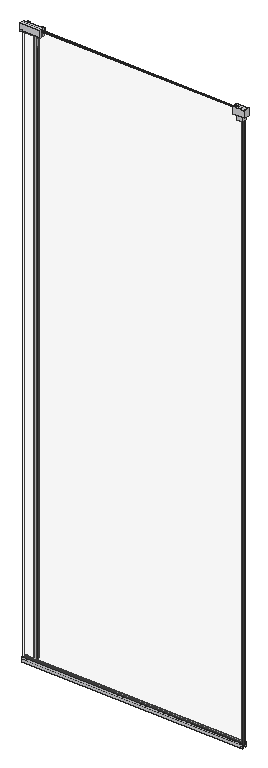
Revit family "Shower-Side_Panel-KOHLER-COMPOSED-1.1922.024_1", category Specialty Equipment, host Face, Revit 2017
Family settings
  Host = Face
  Round Connector Dimension = Use Diameter
  Part Type = Normal
  OmniClass Number = 23.31.17.17
  OmniClass Title = Shower Enclosures
  Cut with Voids When Loaded = No
  Shared = No
  Room Calculation Point = No
Parameters (values of type "Polished Chrome")
  Width [instance] = 30 1/2"
  WaterSense Certified = 1 = 0  # no
  URL = "https://www.kohler.co.uk/"
  Type = 1
  Product Page URL = ""
  Product Name = "COMPOSED"  # constant formula
  Product Documentation Link = ""
  Model = "1.1922.024"  # constant formula
  Material = "Anodized Aluminum"  # constant formula
  Master Format 2014 Name = "Shower Doors"  # constant formula
  Master Format 2014 = "10 28 19.16"  # constant formula
  Manufacturer Address = "Cromwell Road, Cheltenham, Gloucestershire. GL52 5EP Registered in England No. 252115"  # constant formula
  Manufacturer = "KOHLER Co."  # constant formula
  Length = 1 3/8"  # constant formula
  Height = 78 189/256"  # constant formula
  Finish = Kohler-Metal-CP-Polished_Chrome
  Environmental Product Declaration = ""
  Description = "COMPOSED SLDG ENCLOSURE SIDE PANEL 800MM"  # constant formula
  Default Elevation = 0"
  Declare Label = ""
  Date Modified = "10/08/2021"  # constant formula
  Date Created = "10/08/2021"  # constant formula
  Copyright = "Copyright KOHLER Co."  # constant formula
  Contact Us = "https://www.kohler.co.uk/support/contact/"
  Assembly Code = "C1030200"
  ADA Compliant = 1 = 0  # no
Reference planes (in)
  plane 1 "Center (Front/Back)": y = 0
  plane 2: z = 0
  plane 3 "Center (Left/Right)": x = 0
  plane 4: x = -14.9685
  plane 5: x = 14.28901
  plane 6: x = 14.69058
  plane 7: x = 15.5315
  plane 8: x = 15.86381
  plane 9: y = -1.375
  plane 10: y = -0.82874
  plane 11: y = -1.1437
  plane 12: z = 78.73828
  plane 13: z = 39.37008
  plane 14: x = -12.29134
  plane 15: z = 78.56299
  plane 16: y = -0.98622
Dimensions and locks (in)
  locked: plane 4 to plane 3 "Center (Left/Right)" at 14.9685
  "Height": plane 12 to level
  plane 15 to level = 78.56299"
  "Width": plane 4 to plane 7
  locked: plane 7 to plane 8 at 0.33231
  locked: plane 5 to plane 7 at 1.24249
  locked: plane 6 to plane 7 at 0.84091
  "Length": plane 9 to plane 1 "Center (Front/Back)"
  aligned and locked: plane 2 to host face
  aligned and locked: level to host face
  aligned and locked: plane 4 to nested 1
Automatic sketch dimensions
  host sketch curve to host sketch curve = 96"  (x2)
Nested families (in)
  nested 1: "1.1922.024" at (-14.9685, 0, 0), type "1.1922.024"
    with Width 30 1/2"
Definition of nested family "1.1922.024"
  Parameters (values of type "1.1922.024")
    Width = 30.11811"
    Material = none
  Reference planes (in)
    plane 1 "Center (Front/Back)": y = 0
    plane 2: z = 0
    plane 3 "Center (Left/Right)": x = 0
    plane 4: z = 78.74016
    plane 5: x = 30.11811
    plane 6: y = -0.82874
    plane 7: y = -1.1437
    plane 8: y = -1.375
    plane 9: x = 30.45043
    plane 10: x = 29.2772
    plane 11: x = 28.87562
    plane 12: z = 39.37008
    plane 13: z = 78.56299
    plane 14: x = 2.67717
    plane 15: y = -0.22441
  Forms (in)
    Extrusion 1, solid, material <- "Material", detail levels medium+fine
      sketch origin (0, 0, 0) x (0, 1, 0) y (0, 0, 1)
        loop
          line (-1.22835, 0) -> (-1.1811, 0) -> (-1.1811, 0.05906)
          arc (-1.1811, 0.05906) -> (-1.17534, 0.07297) -> (-1.16142, 0.07874) r 0.01969
          line (-1.16142, 0.07874) -> (-0.74409, 0.07874)
          arc (-0.74409, 0.07874) -> (-0.73018, 0.07297) -> (-0.72441, 0.05906) r 0.01969
          line (-0.72441, 0.05906) -> (-0.72441, 0) -> (-0.67717, 0) -> (-0.67717, 0.58268)
          arc (-0.67717, 0.58268) -> (-0.68293, 0.5966) -> (-0.69685, 0.60236) r 0.01969
          line (-0.69685, 0.60236) -> (-0.76181, 0.60236) -> (-0.76181, 0.55105) -> (-0.72047, 0.55105) -> (-0.72047, 0.15748)
          arc (-0.72047, 0.15748) -> (-0.72624, 0.14356) -> (-0.74016, 0.1378) r 0.01969
          line (-0.74016, 0.1378) -> (-1.16535, 0.1378)
          arc (-1.16535, 0.1378) -> (-1.17927, 0.14356) -> (-1.18504, 0.15748) r 0.01969
          line (-1.18504, 0.15748) -> (-1.18504, 0.55105) -> (-1.1437, 0.55105) -> (-1.1437, 0.60236) -> (-1.20866, 0.60236)
          arc (-1.20866, 0.60236) -> (-1.22258, 0.5966) -> (-1.22835, 0.58268) r 0.01969
          line (-1.22835, 0.58268) -> (-1.22835, 0)
      from 0.20138 to 30.11811
    Extrusion 2, solid
      sketch origin (0, 0, 0) x (0, 1, 0) y (0, 0, 1)
        loop
          line (-1.1437, 78.52362) -> (-1.1437, 0.21654) -> (-1.10433, 0.17717) -> (-0.86811, 0.17717) -> (-0.82874, 0.21654) -> (-0.82874, 78.52362) -> (-0.86811, 78.56299) -> (-1.10433, 78.56299) -> (-1.1437, 78.52362)
      from 0.20138 to 30.11811
    Extrusion 3, solid, material <- "Material"
      sketch origin (0, 0, 0) x (1, 0, 0) y (0, 1, 0)
        loop
          arc (1.33717, -0.3563) -> (1.32101, -0.34919) -> (1.31534, -0.33247) r 0.02191
          line (1.31534, -0.33247) -> (1.3288, -0.17913) -> (1.35968, -0.17913) -> (1.36538, -0.12008) -> (1.31657, -0.12008)
          arc (1.31657, -0.12008) -> (1.30023, -0.12643) -> (1.29245, -0.14214) r 0.02423
          line (1.29245, -0.14214) -> (1.2739, -0.34884) -> (1.2739, -0.53313)
          arc (1.2739, -0.53313) -> (1.45107, -0.7103) -> (1.62823, -0.53313) r 0.17717
          line (1.62823, -0.53313) -> (1.62823, -0.39173) -> (1.66124, -0.39637) -> (1.74708, -0.50566)
          arc (1.74708, -0.50566) -> (1.83214, -0.65782) -> (1.86636, -0.82874) r 0.56077
          line (1.86636, -0.82874) -> (1.90175, -0.82874)
          arc (1.90175, -0.82874) -> (1.8695, -0.64927) -> (1.78158, -0.48953) r 0.56298
          line (1.78158, -0.48953) -> (1.68445, -0.36586) -> (1.66433, -0.14159)
          arc (1.66433, -0.14159) -> (1.65674, -0.12627) -> (1.6408, -0.12008) r 0.02362
          line (1.6408, -0.12008) -> (1.58913, -0.12008) -> (1.59484, -0.17913) -> (1.62803, -0.17913) -> (1.6417, -0.33489)
          arc (1.6417, -0.33489) -> (1.6366, -0.34991) -> (1.62209, -0.3563) r 0.01969
          line (1.62209, -0.3563) -> (1.33717, -0.3563)
        loop
          line (1.29359, -0.39173) -> (1.29359, -0.531)
          arc (1.29359, -0.531) -> (1.45107, -0.68848) -> (1.60855, -0.531) r 0.15748
          line (1.60855, -0.531) -> (1.60855, -0.39173) -> (1.29359, -0.39173)
      from 0.59055 to 77.79528
    Extrusion 4, solid, material <- "Material"
      sketch origin (-28.01473, 0, 0) x (1, 0, 0) y (0, 1, 0)
        loop
          line (57.68169, -0.83993) -> (57.71497, -0.83688) -> (57.71979, -0.80258) -> (57.78198, -0.80258) -> (57.77443, -0.85635) -> (57.81878, -0.7975) -> (57.89994, -0.7975) -> (57.89185, -0.85507) -> (57.94357, -0.79342) -> (58.01658, -0.79342) -> (57.99633, -0.84907) -> (58.03534, -0.80258) -> (58.13284, -0.80258) -> (58.08425, -0.76181) -> (57.88374, -0.76181) -> (57.83255, -0.73794) -> (57.81252, -0.76181) -> (57.71979, -0.76181) -> (57.71979, -0.69284) -> (57.68169, -0.73094) -> (57.68169, -0.83993)
      from 0.60236 to 77.79528
    Extrusion 5, solid, material <- "Material", detail levels medium+fine
      sketch origin (0, 0, 0) x (0, 1, 0) y (0, 0, 1)
        loop
          arc (-1.3376, 77.81496) -> (-1.33183, 77.80104) -> (-1.31791, 77.79528) r 0.01969
          line (-1.31791, 77.79528) -> (-1.1437, 77.79528) -> (-1.1437, 78.56299) -> (-0.82874, 78.56299) -> (-0.82874, 77.79528) -> (-0.67913, 77.79528)
          arc (-0.67913, 77.79528) -> (-0.66521, 77.80104) -> (-0.65945, 77.81496) r 0.01969
          line (-0.65945, 77.81496) -> (-0.65945, 78.74016) -> (-1.3376, 78.74016) -> (-1.3376, 77.81496)
      from 0 to 2.67717
    Extrusion 6, solid, material <- "Material", detail levels medium+fine
      sketch origin (0, 0, 0) x (0, 1, 0) y (0, 0, 1)
        loop
          line (-0.65945, 78.55314) -> (-0.65945, 78.32874) -> (-0.30571, 78.32874) -> (-0.26634, 78.36811) -> (-0.26634, 78.51377) -> (-0.30571, 78.55314) -> (-0.65945, 78.55314)
        loop
          line (-0.65945, 78.25) -> (-0.65945, 78.1122) -> (-0.26378, 78.1122) -> (-0.22441, 78.15157) -> (-0.22441, 78.21062) -> (-0.26378, 78.25) -> (-0.65945, 78.25)
      from 0.20138 to 0.52559
    Extrusion 7, solid, material <- "Material", detail levels medium+fine
      sketch origin (1.84045, 0, 0) x (0, 1, 0) y (0, 0, 1)
        loop
          line (-0.65945, 78.55314) -> (-0.65945, 78.32874) -> (-0.30571, 78.32874) -> (-0.26634, 78.36811) -> (-0.26634, 78.51377) -> (-0.30571, 78.55314) -> (-0.65945, 78.55314)
        loop
          line (-0.65945, 78.25) -> (-0.65945, 78.1122) -> (-0.26378, 78.1122) -> (-0.22441, 78.15157) -> (-0.22441, 78.21062) -> (-0.26378, 78.25) -> (-0.65945, 78.25)
      from 0.42067 to 0.74488
    Extrusion 8, solid, material <- "Material", detail levels medium+fine
      sketch origin (0, 0, 0) x (1, 0, 0) y (0, 0, 1)
        loop
          line (30.41106, 78.74016) -> (28.91499, 78.74016)
          arc (28.91499, 78.74016) -> (28.88715, 78.72863) -> (28.87562, 78.70079) r 0.03937
          line (28.87562, 78.70079) -> (28.87562, 77.79528) -> (29.2772, 77.79528) -> (29.2772, 77.24409)
          arc (29.2772, 77.24409) -> (29.28873, 77.21626) -> (29.31657, 77.20472) r 0.03937
          line (29.31657, 77.20472) -> (29.77696, 77.20472) -> (30.11811, 77.20472) -> (30.11811, 77.79528) -> (30.45043, 77.79528) -> (30.45043, 78.70079)
          arc (30.45043, 78.70079) -> (30.43889, 78.72863) -> (30.41106, 78.74016) r 0.03937
      from 0.58268 to 1.30118
    Extrusion 9, void
      sketch origin (0, 0, 0) x (0, 1, 0) y (0, 0, 1)
        loop
          arc (-0.81484, 78.53543) -> (-0.83214, 78.57719) -> (-0.8739, 78.59449) r 0.05906
          line (-0.8739, 78.59449) -> (-1.09055, 78.59449)
          arc (-1.09055, 78.59449) -> (-1.13231, 78.57719) -> (-1.14961, 78.53543) r 0.05906
          line (-1.14961, 78.53543) -> (-1.14961, 77.79528) -> (-0.81484, 77.79528) -> (-0.81484, 78.53543)
        loop
          line (-1.22099, 77.79528) -> (-1.3376, 77.79528) -> (-1.3376, 77.11594) -> (-1.22099, 77.11594) -> (-1.22099, 77.79528)
        loop
          line (-0.72441, 77.79528) -> (-0.72441, 77.12016) -> (-0.55206, 77.12016) -> (-0.55206, 77.79528) -> (-0.72441, 77.79528)
      from 28.87562 to 30.11811
    Extrusion 10, solid, material <- "Material", detail levels coarse
      sketch origin (0, 0, 0) x (0, 1, 0) y (0, 0, 1)
        loop
          arc (-1.3376, 77.81496) -> (-1.33183, 77.80104) -> (-1.31791, 77.79528) r 0.01969
          line (-1.31791, 77.79528) -> (-1.1437, 77.79528) -> (-1.1437, 78.56299) -> (-0.82874, 78.56299) -> (-0.82874, 77.79528) -> (-0.67913, 77.79528)
          arc (-0.67913, 77.79528) -> (-0.66521, 77.80104) -> (-0.65945, 77.81496) r 0.01969
          line (-0.65945, 77.81496) -> (-0.65945, 78.74016) -> (-1.3376, 78.74016) -> (-1.3376, 77.81496)
      from 0 to 2.67717
    Extrusion 11, solid, material <- "Material", detail levels coarse
      sketch origin (0, 0, 0.03937) x (1, 0, 0) y (0, 0, 1)
        loop
          line (30.41106, 78.70079) -> (28.91499, 78.70079)
          arc (28.91499, 78.70079) -> (28.88715, 78.68926) -> (28.87562, 78.66142) r 0.03937
          line (28.87562, 78.66142) -> (28.87562, 77.75591) -> (29.2772, 77.75591) -> (29.2772, 77.20472)
          arc (29.2772, 77.20472) -> (29.28873, 77.17689) -> (29.31657, 77.16535) r 0.03937
          line (29.31657, 77.16535) -> (29.77696, 77.16535) -> (30.45043, 77.16535) -> (30.45043, 78.66142)
          arc (30.45043, 78.66142) -> (30.43889, 78.68926) -> (30.41106, 78.70079) r 0.03937
      from 0.58268 to 1.30118
    Extrusion 12, solid, material <- "Material", detail levels coarse
      sketch origin (0, 0, 0.03937) x (0, 1, 0) y (0, 0, 1)
        loop
          line (-1.22835, -0.03937) -> (-1.1811, -0.03937) -> (-1.1811, 0.01969)
          arc (-1.1811, 0.01969) -> (-1.17534, 0.0336) -> (-1.16142, 0.03937) r 0.01969
          line (-1.16142, 0.03937) -> (-0.74409, 0.03937)
          arc (-0.74409, 0.03937) -> (-0.73018, 0.0336) -> (-0.72441, 0.01969) r 0.01969
          line (-0.72441, 0.01969) -> (-0.72441, -0.03937) -> (-0.67717, -0.03937) -> (-0.67717, 0.54331)
          arc (-0.67717, 0.54331) -> (-0.68293, 0.55723) -> (-0.69685, 0.56299) r 0.01969
          line (-0.69685, 0.56299) -> (-0.83688, 0.56299) -> (-0.83688, 0.16929) -> (-1.1437, 0.16929) -> (-1.1437, 0.56299) -> (-1.20866, 0.56299)
          arc (-1.20866, 0.56299) -> (-1.22258, 0.55723) -> (-1.22835, 0.54331) r 0.01969
          line (-1.22835, 0.54331) -> (-1.22835, -0.03937)
      from 0.20138 to 30.11811
    Extrusion 13, solid, material <- "Material", detail levels coarse
      sketch origin (0.01342, -0.00211, 0) x (1, 0, 0) y (0, 1, 0)
        loop
          line (0, -1.38287) -> (1.22047, -1.38287) -> (1.22047, -0.66929) -> (1.98819, -0.66929) -> (1.98819, 0) -> (0.01969, 0)
          arc (0.01969, 0) -> (0.00577, -0.00577) -> (0, -0.01969) r 0.01969
          line (0, -0.01969) -> (0, -1.38287)
      from 0 to 0.7874
    Extrusion 14, void
      sketch origin (0, 0, 0) x (1, 0, 0) y (0, 1, 0)
        loop
          line (0.20138, -1.1437) -> (1.66722, -1.1437) -> (1.66722, -0.82874) -> (0.20138, -0.82874) -> (0.20138, -1.1437)
      from 0.17717 to 0.85243
  Cuts and joins
    Extrusion 9 cuts Extrusion 8
    Extrusion 14 cuts Extrusion 13
    Extrusion 9 cuts Extrusion 11
  Lines and regions (in)
    Masking region 1
      outline origin (0, 0, 0) x (1, 0, 0) y (0, 1, 0)
        loop
          line (2.67717, -1.3376) -> (2.67717, -1.26476) -> (28.87562, -1.26476) -> (28.87562, -1.3376) -> (30.45043, -1.3376) -> (30.45043, -0.58268) -> (28.87562, -0.58268) -> (28.87562, -0.67717) -> (2.67717, -0.67717) -> (2.67717, -0.64615) -> (2.58533, -0.64615) -> (2.58533, -0.22441) -> (2.26112, -0.22441) -> (2.26112, -0.65945) -> (2.00161, -0.65945) -> (2.00161, -0.01969)
          arc (2.00161, -0.01969) -> (1.99585, -0.00577) -> (1.98193, 0) r 0.01969
          line (1.98193, 0) -> (0, 0) -> (0, -1.1811)
          arc (0, -1.1811) -> (0.05679, -1.31821) -> (0.1939, -1.375) r 0.1939
          line (0.1939, -1.375) -> (1.25681, -1.375) -> (1.25681, -1.3376) -> (2.67717, -1.3376)
    Masking region 2
      outline origin (0, 0, 0) x (1, 0, 0) y (0, 0, 1)
        loop
          line (0, 77.79528) -> (0.20138, 77.79528) -> (0.20138, 0.7874) -> (0, 0.7874) -> (0, 0) -> (30.11811, 0) -> (30.11811, 77.79528) -> (30.45043, 77.79528) -> (30.45043, 78.70079)
          arc (30.45043, 78.70079) -> (30.43889, 78.72863) -> (30.41106, 78.74016) r 0.03937
          line (30.41106, 78.74016) -> (28.91499, 78.74016)
          arc (28.91499, 78.74016) -> (28.88715, 78.72863) -> (28.87562, 78.70079) r 0.03937
          line (28.87562, 78.70079) -> (28.87562, 78.56299) -> (2.67717, 78.56299) -> (2.67717, 78.74016) -> (0, 78.74016) -> (0, 77.79528)
    Masking region 3
      outline origin (0, 0, 0) x (0, 1, 0) y (0, 0, 1)
        loop
          line (-1.3376, 77.79528) -> (-1.22099, 77.79528) -> (-1.22099, 77.20472) -> (-1.1437, 77.20472) -> (-1.1437, 0.7874) -> (-1.375, 0.7874) -> (-1.375, 0) -> (0, 0) -> (0, 0.7874) -> (-0.12008, 0.7874) -> (-0.12008, 77.79528) -> (-0.58268, 77.79528) -> (-0.58268, 78.1122) -> (-0.26378, 78.1122) -> (-0.22441, 78.15157) -> (-0.22441, 78.21062) -> (-0.26378, 78.25) -> (-0.58268, 78.25) -> (-0.58268, 78.32874) -> (-0.30571, 78.32874) -> (-0.26634, 78.36811) -> (-0.26634, 78.51377) -> (-0.30571, 78.55314) -> (-0.58268, 78.55314) -> (-0.58268, 78.74016) -> (-1.3376, 78.74016) -> (-1.3376, 77.79528)
    symbolic lines, detail levels medium+fine
      curve 1: line (28.87562, -0.67717, 0) -> (28.87562, -1.26476, 0)
      curve 2: line (1.31534, -0.33247, 0) -> (1.3288, -0.17913, 0)
      curve 3: line (1.3288, -0.17913, 0) -> (1.35968, -0.17913, 0)
      curve 4: line (1.35968, -0.17913, 0) -> (1.36538, -0.12008, 0)
      curve 5: line (1.36538, -0.12008, 0) -> (1.31657, -0.12008, 0)
      curve 6: arc (1.31657, -0.12008, 0) -> (1.30023, -0.12643, 0) -> (1.29245, -0.14214, 0) r 0.02423
      curve 7: line (1.29245, -0.14214, 0) -> (1.2739, -0.34884, 0)
      curve 8: line (1.2739, -0.34884, 0) -> (1.2739, -0.53313, 0)
      curve 9: arc (1.2739, -0.53313, 0) -> (1.28767, -0.60161, 0) -> (1.32684, -0.65945, 0) r 0.17717
      curve 10: line (1.62823, -0.53313, 0) -> (1.62823, -0.39173, 0)
      curve 11: line (1.62823, -0.39173, 0) -> (1.66124, -0.39637, 0)
      curve 12: line (1.66124, -0.39637, 0) -> (1.74708, -0.50566, 0)
      curve 13: arc (1.74708, -0.50566, 0) -> (1.79403, -0.5757, 0) -> (1.82995, -0.65198, 0) r 0.56077
      curve 14: arc (1.82995, -0.56203, 0) -> (1.80717, -0.52484, 0) -> (1.78158, -0.48953, 0) r 0.56298
      curve 15: line (1.78158, -0.48953, 0) -> (1.68445, -0.36586, 0)
      curve 16: line (1.68445, -0.36586, 0) -> (1.66433, -0.14159, 0)
      curve 17: arc (1.66433, -0.14159, 0) -> (1.65674, -0.12627, 0) -> (1.6408, -0.12008, 0) r 0.02362
      curve 18: line (1.6408, -0.12008, 0) -> (1.58913, -0.12008, 0)
      curve 19: line (1.58913, -0.12008, 0) -> (1.59484, -0.17913, 0)
      curve 20: line (1.59484, -0.17913, 0) -> (1.62803, -0.17913, 0)
      curve 21: line (1.62803, -0.17913, 0) -> (1.6417, -0.33489, 0)
      curve 22: arc (1.6417, -0.33489, 0) -> (1.6366, -0.34991, 0) -> (1.62209, -0.3563, 0) r 0.01969
      curve 23: line (1.62209, -0.3563, 0) -> (1.33717, -0.3563, 0)
      curve 24: arc (1.33717, -0.3563, 0) -> (1.32101, -0.34919, 0) -> (1.31534, -0.33247, 0) r 0.02191
      curve 25: line (1.29359, -0.39173, 0) -> (1.60855, -0.39173, 0)
      curve 26: line (1.60855, -0.39173, 0) -> (1.60855, -0.531, 0)
      curve 27: arc (1.60855, -0.531, 0) -> (1.59097, -0.60329, 0) -> (1.54217, -0.65945, 0) r 0.15748
      curve 28: line (1.29359, -0.531, 0) -> (1.29359, -0.39173, 0)
      curve 29: line (2.67717, -0.65945, 0) -> (1.35996, -0.65945, 0)
      curve 30: line (0.52559, -0.65945, 0) -> (0.52559, -0.22441, 0)
      curve 31: line (0.20138, -0.22441, 0) -> (0.20138, -0.65945, 0)
      curve 32: line (0.52559, -0.22441, 0) -> (0.20138, -0.22441, 0)
      curve 33: line (1.35996, -0.65945, 0) -> (0, -0.65945, 0)
      curve 34: arc (1.35996, -0.65945, 0) -> (1.31116, -0.60329, 0) -> (1.29359, -0.531, 0) r 0.15748
      curve 35: arc (1.57529, -0.65945, 0) -> (1.61446, -0.60161, 0) -> (1.62823, -0.53313, 0) r 0.17717
      curve 36: line (2.67717, -0.65945, 0) -> (2.67717, -1.3376, 0)
      curve 37: line (2.67717, -1.1811, 0) -> (2.606, -1.1811, 0)
      curve 38: line (2.606, -0.67717, 0) -> (2.606, -1.1811, 0)
      curve 39: line (0.20138, -0.67717, 0) -> (0.20138, -1.1811, 0)
      curve 40: line (0.20138, -0.67717, 0) -> (2.606, -0.67717, 0)
      curve 41: line (0.20138, -1.1811, 0) -> (0.10734, -1.1811, 0)
      curve 42: line (0.10734, -1.1811, 0) -> (0.10734, -1.3376, 0)
      curve 43: line (0.20138, -0.26329, 0) -> (0.52559, -0.26329, 0)
      curve 44: line (2.26112, -0.26575, 0) -> (2.58533, -0.26575, 0)
      curve 45: line (1.22047, 0, 0) -> (1.22047, -0.65945, 0)
      curve 46: line (1.82995, 0, 0) -> (1.82995, -0.65945, 0)
      curve 47: line (1.25681, -1.3376, 0) -> (0.10734, -1.3376, 0)
      curve 48: line (0.86298, -0.7874, 0) -> (1.75819, -0.7874, 0)
      curve 49: line (1.75819, -0.7874, 0) -> (1.75819, -0.67717, 0)
      curve 50: line (0.86298, -0.7874, 0) -> (0.86298, -0.67717, 0)
      curve 51: line (0.20138, 0, 0.7874) -> (30.11811, 0, 0.7874)
      curve 52: line (0.20138, 0, 77.79528) -> (2.67717, 0, 77.79528)
      curve 53: line (2.67717, 0, 78.56299) -> (2.67717, 0, 77.79528)
      curve 54: line (29.31664, 0, 77.20472) -> (30.11811, 0, 77.20472)
      curve 55: line (30.11811, 0, 77.20472) -> (30.11811, 0, 77.79528)
      curve 56: line (29.2772, 0, 77.79528) -> (29.2772, 0, 77.24416)
      curve 57: arc (29.2772, 0, 77.24416) -> (29.28875, 0, 77.21628) -> (29.31664, 0, 77.20472) r 0.03944
      curve 58: line (29.2772, 0, 77.79528) -> (28.87562, 0, 77.79528)
      curve 59: line (28.87562, 0, 77.79528) -> (28.87562, 0, 78.56299)
      curve 60: line (0, -0.12008, 0.7874) -> (0, -1.18898, 0.7874)
      curve 61: line (0, -0.34884, 0.7874) -> (0, -0.34884, 77.79528)
      curve 62: line (0, -0.65945, 77.81496) -> (0, -0.65945, 78.74016)
      curve 63: arc (0, -0.67913, 77.79528) -> (0, -0.66521, 77.80104) -> (0, -0.65945, 77.81496) r 0.01969
      curve 64: line (0, -0.82874, 77.79528) -> (0, -0.58268, 77.79528)
      curve 65: line (0, -0.65945, 78.74016) -> (0, -1.3376, 78.74016)
      curve 66: line (0, -0.58268, 78.55314) -> (0, -0.65945, 78.55314)
      curve 67: line (0, -0.58268, 78.32874) -> (0, -0.65945, 78.32874)
      curve 68: line (0, -0.58268, 78.1122) -> (0, -0.65945, 78.1122)
      curve 69: line (0, -0.58268, 78.25) -> (0, -0.65945, 78.25)
      curve 70: line (0, -1.22099, 77.79528) -> (0, -1.1437, 77.79528)
      curve 71: line (0, -1.1437, 78.52362) -> (0, -1.10433, 78.56299)
      curve 72: line (0, -1.10433, 78.56299) -> (0, -0.86811, 78.56299)
      curve 73: line (0, -0.86811, 78.56299) -> (0, -0.82874, 78.52362)
      curve 74: line (0, -0.82874, 78.52362) -> (0, -0.82874, 0.7874)
      curve 75: line (0, -1.1437, 77.20472) -> (0, -1.1437, 78.52362)
      curve 76: line (0, -0.70571, 77.79528) -> (0, -0.70571, 0.7874)
      curve 77: line (0, -0.50886, 0.7874) -> (0, -0.50886, 77.79626)
      curve 78: line (0, -0.26634, 78.51377) -> (0, -0.65945, 78.51377)
      curve 79: line (0, -0.26634, 78.36811) -> (0, -0.65945, 78.36811)
      curve 80: line (0, -0.22441, 78.21062) -> (0, -0.65945, 78.21062)
      curve 81: line (0, -0.22441, 78.15157) -> (0, -0.65945, 78.15157)
      curve 82: line (0, -0.79342, 77.79528) -> (0, -0.79342, 78.54946)
      curve 83: line (0, -0.83279, 78.58883) -> (0, -1.13965, 78.58883)
      curve 84: line (0, -1.17902, 77.79528) -> (0, -1.17902, 78.54946)
      curve 85: arc (0, -1.17902, 78.54946) -> (0, -1.16749, 78.5773) -> (0, -1.13965, 78.58883) r 0.03937
      curve 86: arc (0, -0.79342, 78.54946) -> (0, -0.80495, 78.5773) -> (0, -0.83279, 78.58883) r 0.03937
      curve 87: line (2.00161, 0, 0.7874) -> (2.00161, 0, 0)
      curve 88: line (2.67717, -0.76181, 0) -> (28.87562, -0.76181, 0)
      curve 89: line (2.67717, -0.86811, 0) -> (28.87562, -0.86811, 0)
      curve 90: line (28.87562, -0.83688, 0) -> (2.67717, -0.83688, 0)
      curve 91: line (2.67717, -1.10433, 0) -> (28.87562, -1.10433, 0)
      curve 92: line (2.67717, -1.13655, 0) -> (28.87562, -1.13655, 0)
  Dimensions and locks (in)
    plane 6 to plane 7 = 0.31496"
    plane 1 "Center (Front/Back)" to plane 8 = 1 3/8"  (x2)
    Extrusion 10 to plane 14 = 0"
    "Width": plane 5 to plane 3 "Center (Left/Right)"
    locked: plane 9 to plane 5 at 0.33231
    locked: plane 5 to plane 11 at 1.24249
    locked: plane 5 to plane 10 at 0.84091
    aligned and locked: level to plane 2
    aligned and locked: plane 5 to Extrusion 9
    aligned and locked: plane 11 to Extrusion 9
    aligned and locked: plane 5 to Extrusion 4
    aligned and locked: plane 5 to Extrusion 2
    aligned and locked: plane 5 to Extrusion 1
    aligned and locked: plane 11 to cut or joined group of Extrusion 8, Extrusion 9
    aligned and locked: plane 10 to cut or joined group of Extrusion 8, Extrusion 9
    aligned and locked: plane 5 to Extrusion 12
    aligned and locked: Masking region 1 to curve 1
  Automatic sketch dimensions
    curve 65 to plane 4 = 0"
    curve 75 to plane 7 = 0"
    curve 71 to plane 13 = 0"
    curve 74 to plane 6 = 0"
    curve 80 to plane 15 = 0"
    curve 81 to plane 15 = 0"
    curve 84 to plane 13 = 0.01353"
    plane 7 to curve 84 = 0.03532"
    curve 85 to plane 7 = 0.00405"
    curve 85 to curve 71 = 0.03532"
    curve 73 to plane 6 = 0.03937"
    curve 83 to plane 6 = 0.00405"
    curve 82 to plane 13 = 0.01353"
    curve 82 to curve 63 = 0.11429"
    plane 6 to curve 65 = 0.16929"
    curve 71 to curve 85 = 0.02584"
    curve 73 to curve 86 = 0.02584"
    curve 62 to curve 73 = 0.70866"
    plane 7 to curve 60 = 0.04528"
    curve 70 to curve 84 = 0.04197"
    plane 8 to curve 65 = 0.0374"
    plane 6 to curve 76 = 0.12303"
    curve 66 to plane 13 = 0.00985"
    curve 66 to curve 66 = 0.07676"
    curve 68 to curve 68 = 0.07676"
    curve 67 to curve 67 = 0.07676"
    curve 69 to curve 69 = 0.07676"
    curve 62 to curve 64 = 0.07676"
    curve 76 to curve 77 = 0.19685"
    curve 61 to plane 15 = 0.12443"
    curve 79 to plane 15 = 0.04193"
    curve 78 to plane 15 = 0.04193"
    plane 15 to curve 60 = 0.10433"
    curve 78 to plane 13 = 0.04922"
    curve 79 to curve 78 = 0.14567"
    curve 67 to curve 79 = 0.03937"
    curve 69 to curve 67 = 0.07874"
    curve 80 to curve 69 = 0.03937"
    curve 81 to curve 80 = 0.05906"
    curve 68 to curve 81 = 0.03937"
    curve 64 to curve 77 = 0.00098"
    curve 61 to curve 77 = 0.00098"
    curve 70 to curve 64 = 0"
    curve 75 to curve 70 = 0.59055"
    level to curve 74 = 0.7874"
    curve 87 to level = 0"
    curve 53 to plane 14 = 0"
    plane 11 to curve 58 = 0"
    plane 10 to curve 58 = 0"
    curve 54 to plane 5 = 0"
    curve 51 to plane 5 = 0"
    curve 53 to plane 13 = 0"
    curve 59 to plane 13 = 0"
    curve 57 to plane 10 = 0.03944"
    curve 55 to plane 13 = 1.35827"
    curve 56 to curve 56 = 0.55111"
    curve 53 to plane 13 = 0.76772"
    curve 87 to plane 14 = 0.67555"
    plane 3 "Center (Left/Right)" to curve 51 = 0.20138"
    plane 3 "Center (Left/Right)" to curve 52 = 0.20138"
    level to curve 51 = 0.7874"
    curve 54 to curve 55 = 0.59055"
    Extrusion 1 sketch curve to level = 0"  (x2)
    Extrusion 1 sketch curve to plane 7 = 0"
    plane 7 to Extrusion 1 sketch curve = 0.01772"
    plane 7 to Extrusion 1 sketch curve = 0.02165"
    plane 7 to Extrusion 1 sketch curve = 0.0374"
    Extrusion 1 sketch curve to Extrusion 1 sketch curve = 0.04134"  (x2)
    Extrusion 1 sketch curve to Extrusion 1 sketch curve = 0.02362"  (x2)
    Extrusion 1 sketch curve to Extrusion 1 sketch curve = 0.04724"  (x2)
    plane 6 to Extrusion 1 sketch curve = 0.06693"
    plane 6 to Extrusion 1 sketch curve = 0.08465"
    Extrusion 1 sketch curve to Extrusion 1 sketch curve = 0.00394"
    Extrusion 1 sketch curve to Extrusion 1 sketch curve = 0.01969"
    level to Extrusion 1 sketch curve = 0.05906"
    Extrusion 1 sketch curve to Extrusion 1 sketch curve = 0.05906"
    Extrusion 1 sketch curve to Extrusion 1 sketch curve = 0.39357"
    Extrusion 1 sketch curve to Extrusion 1 sketch curve = 0"
    Extrusion 1 sketch curve to Extrusion 1 sketch curve = 0.03163"  (x2)
    Extrusion 2 sketch curve to plane 7 = 0"
    Extrusion 2 sketch curve to plane 13 = 0"
    Extrusion 2 sketch curve to plane 6 = 0"
    Extrusion 2 sketch curve to plane 7 = 0.03937"  (x2)
    Extrusion 2 sketch curve to plane 6 = 0.03937"  (x2)
    Extrusion 2 sketch curve to plane 13 = 0.03937"  (x2)
    level to Extrusion 2 sketch curve = 0.21654"  (x2)
    Extrusion 2 sketch curve to Extrusion 2 sketch curve = 0.03937"
    Extrusion 3 sketch curve to plane 6 = 0"
    Extrusion 3 sketch curve to plane 15 = 0.12443"
    plane 3 "Center (Left/Right)" to Extrusion 3 sketch curve = 1.2739"
    plane 15 to Extrusion 3 sketch curve = 0.08227"
    Extrusion 3 sketch curve to Extrusion 3 sketch curve = 0.01855"
    Extrusion 3 sketch curve to Extrusion 3 sketch curve = 0.01969"
    Extrusion 3 sketch curve to plane 6 = 0.02329"
    Extrusion 3 sketch curve to Extrusion 3 sketch curve = 0.03217"
    Extrusion 3 sketch curve to plane 15 = 0.10806"
    Extrusion 3 sketch curve to Extrusion 3 sketch curve = 0.04144"
    Extrusion 3 sketch curve to Extrusion 3 sketch curve = 0.02413"
    Extrusion 3 sketch curve to Extrusion 3 sketch curve = 0.01222"
    Extrusion 3 sketch curve to Extrusion 3 sketch curve = 0.02183"
    Extrusion 3 sketch curve to plane 6 = 0.00853"
    Extrusion 3 sketch curve to Extrusion 3 sketch curve = 0.03276"
    Extrusion 3 sketch curve to Extrusion 3 sketch curve = 0.03088"
    plane 15 to Extrusion 3 sketch curve = 0.10433"  (x2)
    Extrusion 3 sketch curve to Extrusion 3 sketch curve = 0.04881"
    Extrusion 3 sketch curve to Extrusion 3 sketch curve = 0.15748"
    Extrusion 3 sketch curve to Extrusion 3 sketch curve = 0"  (x2)
    Extrusion 3 sketch curve to Extrusion 3 sketch curve = 0.22375"
    Extrusion 3 sketch curve to Extrusion 3 sketch curve = 0.00571"
    Extrusion 3 sketch curve to Extrusion 3 sketch curve = 0.00615"
    plane 15 to Extrusion 3 sketch curve = 0.04528"  (x2)
    Extrusion 3 sketch curve to Extrusion 3 sketch curve = 0.03319"
    Extrusion 3 sketch curve to Extrusion 3 sketch curve = 0.01277"
    Extrusion 3 sketch curve to plane 15 = 0.11048"
    Extrusion 3 sketch curve to Extrusion 3 sketch curve = 0.01961"
    Extrusion 3 sketch curve to plane 15 = 0.17196"
    Extrusion 3 sketch curve to Extrusion 3 sketch curve = 0.03301"
    plane 15 to Extrusion 3 sketch curve = 0.08282"
    Extrusion 3 sketch curve to Extrusion 3 sketch curve = 0.02353"
    Extrusion 3 sketch curve to plane 15 = 0.14145"
    Extrusion 3 sketch curve to Extrusion 3 sketch curve = 0.0232"
    Extrusion 3 sketch curve to plane 15 = 9/32"
    Extrusion 3 sketch curve to Extrusion 3 sketch curve = 0.11885"
    Extrusion 3 sketch curve to plane 15 = 0.26512"
    Extrusion 3 sketch curve to Extrusion 3 sketch curve = 0.0345"
    Extrusion 3 sketch curve to Extrusion 3 sketch curve = 0.20066"
    Extrusion 3 sketch curve to Extrusion 3 sketch curve = 0.00213"
    Extrusion 3 sketch curve to Extrusion 3 sketch curve = 0.04289"
    Extrusion 3 sketch curve to Extrusion 3 sketch curve = 0.02141"
    Extrusion 4 sketch curve to plane 5 = 0"
    Extrusion 4 sketch curve to plane 5 = 0.04859"
    plane 6 to Extrusion 4 sketch curve = 0.02616"  (x2)
    Extrusion 4 sketch curve to Extrusion 4 sketch curve = 0.04892"
    plane 6 to Extrusion 4 sketch curve = 0.03532"
    Extrusion 4 sketch curve to Extrusion 4 sketch curve = 0.01875"
    Extrusion 4 sketch curve to plane 6 = 0.02033"
    Extrusion 4 sketch curve to Extrusion 4 sketch curve = 0.02025"
    Extrusion 4 sketch curve to Extrusion 4 sketch curve = 0.07301"
    Extrusion 4 sketch curve to Extrusion 4 sketch curve = 0.04363"
    Extrusion 4 sketch curve to plane 6 = 0.02633"
    Extrusion 4 sketch curve to Extrusion 4 sketch curve = 0.00809"
    Extrusion 4 sketch curve to Extrusion 4 sketch curve = 0.0162"
    plane 6 to Extrusion 4 sketch curve = 0.0908"
    Extrusion 4 sketch curve to Extrusion 4 sketch curve = 0.05119"
    plane 6 to Extrusion 4 sketch curve = 1/32"
    Extrusion 4 sketch curve to Extrusion 4 sketch curve = 0.01377"
    Extrusion 4 sketch curve to Extrusion 4 sketch curve = 0.02003"
    Extrusion 4 sketch curve to Extrusion 4 sketch curve = 0.03679"
    Extrusion 4 sketch curve to plane 6 = 0.02761"
    Extrusion 4 sketch curve to Extrusion 4 sketch curve = 0.00756"
    Extrusion 4 sketch curve to Extrusion 4 sketch curve = 0.06219"
    Extrusion 4 sketch curve to Extrusion 4 sketch curve = 0"
    Extrusion 4 sketch curve to plane 6 = 0.00814"
    Extrusion 4 sketch curve to Extrusion 4 sketch curve = 0.00482"
    Extrusion 4 sketch curve to plane 6 = 0.01119"
    Extrusion 4 sketch curve to Extrusion 4 sketch curve = 0.03328"
    Extrusion 4 sketch curve to Extrusion 4 sketch curve = 0.04077"
    Extrusion 4 sketch curve to Extrusion 4 sketch curve = 0.02387"
    Extrusion 4 sketch curve to Extrusion 4 sketch curve = 0.03087"
    Extrusion 4 sketch curve to Extrusion 4 sketch curve = 0.0381"
    Extrusion 5 sketch curve to plane 4 = 0"
    Extrusion 5 sketch curve to plane 7 = 0"
    Extrusion 5 sketch curve to plane 6 = 0"
    Extrusion 5 sketch curve to plane 13 = 0"
    plane 8 to Extrusion 5 sketch curve = 0.05709"
    Extrusion 5 sketch curve to Extrusion 5 sketch curve = 0.01969"  (x3)
    plane 6 to Extrusion 5 sketch curve = 0.14961"
    Extrusion 5 sketch curve to plane 13 = 0.74803"
    Extrusion 6 sketch curve to plane 15 = 0"
    Extrusion 6 sketch curve to plane 15 = 0.03937"  (x2)
    Extrusion 6 sketch curve to plane 15 = 0.04193"
    Extrusion 6 sketch curve to Extrusion 6 sketch curve = 0.03937"  (x5)
    Extrusion 6 sketch curve to plane 13 = 0.00985"
    plane 6 to Extrusion 6 sketch curve = 0.16929"
    Extrusion 6 sketch curve to Extrusion 6 sketch curve = 0"
    Extrusion 6 sketch curve to plane 13 = 0.04922"
    Extrusion 6 sketch curve to Extrusion 6 sketch curve = 0.14567"
    Extrusion 6 sketch curve to Extrusion 6 sketch curve = 0.07874"
    Extrusion 6 sketch curve to Extrusion 6 sketch curve = 0.05906"
    Extrusion 7 sketch curve to plane 15 = 0"
    Extrusion 7 sketch curve to plane 15 = 0.03937"  (x2)
    Extrusion 7 sketch curve to plane 15 = 0.04193"
    Extrusion 7 sketch curve to Extrusion 7 sketch curve = 0.03937"  (x5)
    Extrusion 7 sketch curve to plane 13 = 0.00985"
    plane 6 to Extrusion 7 sketch curve = 0.16929"
    Extrusion 7 sketch curve to Extrusion 7 sketch curve = 0"
    Extrusion 7 sketch curve to plane 13 = 0.04922"
    Extrusion 7 sketch curve to Extrusion 7 sketch curve = 0.14567"
    Extrusion 7 sketch curve to Extrusion 7 sketch curve = 0.07874"
    Extrusion 7 sketch curve to Extrusion 7 sketch curve = 0.05906"
    plane 11 to Extrusion 8 sketch curve = 0"
    Extrusion 8 sketch curve to plane 4 = 0"
    plane 10 to Extrusion 8 sketch curve = 0"
    Extrusion 8 sketch curve to plane 5 = 0"
    Extrusion 8 sketch curve to plane 9 = 0"
    Extrusion 8 sketch curve to plane 4 = 0.03937"  (x2)
    Extrusion 8 sketch curve to plane 10 = 0.03937"
    Extrusion 8 sketch curve to plane 5 = 0.34115"
    Extrusion 8 sketch curve to plane 13 = 0.76772"  (x2)
    Extrusion 8 sketch curve to Extrusion 8 sketch curve = 0.55118"
    plane 8 to Extrusion 9 sketch curve = 0.0374"
    plane 7 to Extrusion 9 sketch curve = 0.07729"
    plane 7 to Extrusion 9 sketch curve = 0.00591"
    plane 13 to Extrusion 9 sketch curve = 0.0315"
    Extrusion 9 sketch curve to plane 7 = 0.05315"
    Extrusion 9 sketch curve to plane 6 = 0.04516"
    plane 6 to Extrusion 9 sketch curve = 0.0139"
    Extrusion 9 sketch curve to Extrusion 9 sketch curve = 0.09043"
    Extrusion 9 sketch curve to Extrusion 9 sketch curve = 0.17235"
    Extrusion 9 sketch curve to Extrusion 9 sketch curve = 0.74016"
    Extrusion 9 sketch curve to Extrusion 9 sketch curve = 0"  (x2)
    Extrusion 9 sketch curve to Extrusion 9 sketch curve = 0.67512"
    Extrusion 9 sketch curve to Extrusion 9 sketch curve = 0.00422"
    plane 1 "Center (Front/Back)" to Masking region 1 sketch curve = 0"
    Masking region 1 sketch curve to plane 3 "Center (Left/Right)" = 0"
    Masking region 1 sketch curve to plane 8 = 0"
    Masking region 1 sketch curve to plane 15 = 0"
    Masking region 1 sketch curve to plane 14 = 0"  (x2)
    Masking region 1 sketch curve to plane 11 = 0"  (x2)
    Masking region 1 sketch curve to plane 9 = 0"
    plane 7 to Masking region 1 sketch curve = 0.0374"
    Masking region 1 sketch curve to Masking region 1 sketch curve = 1.06291"
    Masking region 1 sketch curve to plane 14 = 0.69524"
    plane 6 to Masking region 1 sketch curve = 0.16929"
    Masking region 1 sketch curve to Masking region 1 sketch curve = 0.01969"
    Masking region 1 sketch curve to Masking region 1 sketch curve = 0.25951"
    Masking region 1 sketch curve to plane 14 = 0.09183"
    plane 8 to Masking region 1 sketch curve = 0.0374"
    Masking region 1 sketch curve to Masking region 1 sketch curve = 0.0374"
    Masking region 1 sketch curve to Masking region 1 sketch curve = 0.07283"
    plane 6 to Masking region 1 sketch curve = 0.15157"
    Masking region 1 sketch curve to Masking region 1 sketch curve = 0.03102"
    Masking region 1 sketch curve to Masking region 1 sketch curve = 0.09448"
    Masking region 2 sketch curve to plane 3 "Center (Left/Right)" = 0"  (x2)
    Masking region 2 sketch curve to level = 0"
    Masking region 2 sketch curve to plane 4 = 0"  (x2)
    Masking region 2 sketch curve to plane 14 = 0"
    plane 11 to Masking region 2 sketch curve = 0"
    Masking region 2 sketch curve to plane 5 = 0"
    Masking region 2 sketch curve to plane 9 = 0"
    Masking region 2 sketch curve to plane 13 = 0"
    plane 3 "Center (Left/Right)" to Masking region 2 sketch curve = 0.20138"
    Masking region 2 sketch curve to plane 11 = 0.03937"
    Masking region 2 sketch curve to plane 4 = 0.03937"
    level to Masking region 2 sketch curve = 0.7874"
    Masking region 2 sketch curve to plane 13 = 0.76772"  (x2)
    Masking region 3 sketch curve to level = 0"
    Masking region 3 sketch curve to plane 8 = 0"
    Masking region 3 sketch curve to plane 4 = 0"
    Masking region 3 sketch curve to plane 7 = 0"
    Masking region 3 sketch curve to plane 15 = 0"
    Masking region 3 sketch curve to plane 1 "Center (Front/Back)" = 0"
    plane 8 to Masking region 3 sketch curve = 0.0374"
    plane 7 to Masking region 3 sketch curve = 0.07729"
    plane 6 to Masking region 3 sketch curve = 0.24606"  (x2)
    Masking region 3 sketch curve to Masking region 3 sketch curve = 0"
    Masking region 3 sketch curve to plane 15 = 0.0813"  (x2)
    Masking region 3 sketch curve to plane 13 = 0.00985"
    Masking region 3 sketch curve to plane 15 = 0.04193"
    Masking region 3 sketch curve to plane 15 = 0.03937"  (x2)
    plane 15 to Masking region 3 sketch curve = 0.10433"
    level to Masking region 3 sketch curve = 0.7874"  (x2)
    Masking region 3 sketch curve to plane 13 = 1.35827"
    Masking region 3 sketch curve to Masking region 3 sketch curve = 0.59055"
    Masking region 3 sketch curve to plane 13 = 0.76772"
    Masking region 3 sketch curve to Masking region 3 sketch curve = 0.31692"
    Masking region 3 sketch curve to Masking region 3 sketch curve = 0.03937"  (x2)
    Masking region 3 sketch curve to Masking region 3 sketch curve = 0.05906"
    Masking region 3 sketch curve to Masking region 3 sketch curve = 0.1378"
    Masking region 3 sketch curve to Masking region 3 sketch curve = 0.07874"
    Masking region 3 sketch curve to plane 13 = 0.04922"
    Extrusion 10 sketch curve to plane 4 = 0"
    Extrusion 10 sketch curve to plane 7 = 0"
    Extrusion 10 sketch curve to plane 6 = 0"
    Extrusion 10 sketch curve to plane 13 = 0"
    plane 8 to Extrusion 10 sketch curve = 0.05709"
    Extrusion 10 sketch curve to Extrusion 10 sketch curve = 0.01969"  (x3)
    plane 6 to Extrusion 10 sketch curve = 0.14961"
    Extrusion 10 sketch curve to plane 13 = 0.74803"
    plane 11 to Extrusion 11 sketch curve = 0"
    Extrusion 11 sketch curve to plane 4 = 0"
    plane 10 to Extrusion 11 sketch curve = 0"
    Extrusion 11 sketch curve to plane 9 = 0"
    Extrusion 11 sketch curve to plane 4 = 0.03937"  (x2)
    Extrusion 11 sketch curve to plane 10 = 0.03937"
    Extrusion 11 sketch curve to plane 5 = 0.34115"
    Extrusion 11 sketch curve to plane 13 = 0.76772"
    Extrusion 11 sketch curve to Extrusion 11 sketch curve = 0.55118"
    Extrusion 12 sketch curve to level = 0"  (x2)
    Extrusion 12 sketch curve to plane 7 = 0"
    plane 7 to Extrusion 12 sketch curve = 0.01772"
    plane 7 to Extrusion 12 sketch curve = 0.0374"
    Extrusion 12 sketch curve to Extrusion 12 sketch curve = 0.06496"
    Extrusion 12 sketch curve to Extrusion 12 sketch curve = 0.04724"
    Extrusion 12 sketch curve to plane 6 = 0.00814"
    plane 6 to Extrusion 12 sketch curve = 0.08465"
    Extrusion 12 sketch curve to Extrusion 12 sketch curve = 0.01969"  (x2)
    plane 6 to Extrusion 12 sketch curve = 0.13189"
    level to Extrusion 12 sketch curve = 0.05906"
    Extrusion 12 sketch curve to Extrusion 12 sketch curve = 0.12992"
    Extrusion 12 sketch curve to Extrusion 12 sketch curve = 0.37402"  (x2)
    plane 3 "Center (Left/Right)" to Extrusion 13 sketch curve = 0.01342"
    Extrusion 13 sketch curve to Extrusion 13 sketch curve = 0.01969"
    plane 6 to Extrusion 13 sketch curve = 0.15734"
    plane 3 "Center (Left/Right)" to Extrusion 13 sketch curve = 1.23389"
    Extrusion 13 sketch curve to plane 14 = 0.67555"
    Extrusion 13 sketch curve to plane 8 = 0.00999"
    plane 1 "Center (Front/Back)" to Extrusion 13 sketch curve = 0.0218"
    Extrusion 14 sketch curve to plane 6 = 0"
    plane 7 to Extrusion 14 sketch curve = 0"
    plane 3 "Center (Left/Right)" to Extrusion 14 sketch curve = 0.20138"
    Extrusion 14 sketch curve to plane 14 = 1.00994"
    curve 9 to curve 35 = 0"  (x2)
    curve 27 to curve 34 = 0"  (x2)
    curve 33 to plane 3 "Center (Left/Right)" = 0"
    curve 31 to plane 15 = 0"
    plane 1 "Center (Front/Back)" to curve 45 = 0"
    plane 1 "Center (Front/Back)" to curve 46 = 0"
    curve 36 to plane 14 = 0"
    curve 90 to plane 11 = 0"
    plane 7 to curve 42 = 0.0374"
    plane 3 "Center (Left/Right)" to curve 42 = 0.10734"
    plane 3 "Center (Left/Right)" to curve 31 = 0.20138"
    curve 39 to curve 31 = 0"
    curve 31 to curve 30 = 83/256"
    plane 6 to curve 48 = 0.04134"
    curve 30 to curve 48 = 0.33739"
    curve 7 to plane 15 = 0.12443"
    curve 50 to curve 7 = 0.41092"
    plane 15 to curve 7 = 0.08227"
    curve 7 to curve 7 = 0.01855"
    curve 7 to curve 28 = 0.01969"
    curve 13 to plane 6 = 0.02329"
    curve 9 to curve 13 = 0.03217"
    curve 2 to plane 15 = 0.10806"
    curve 7 to curve 2 = 0.04144"
    curve 6 to curve 5 = 0.02413"
    curve 6 to curve 3 = 0.01222"
    curve 2 to curve 23 = 0.02183"
    curve 14 to plane 6 = 0.00853"
    curve 13 to curve 14 = 0.03276"
    curve 2 to curve 3 = 0.03088"
    curve 34 to curve 33 = 0.06637"
    curve 5 to curve 5 = 0.04881"
    curve 33 to curve 9 = 0.09111"
    curve 34 to curve 9 = 0"
    plane 15 to curve 18 = 0.10433"
    curve 4 to curve 18 = 0.22375"
    curve 18 to curve 20 = 0.00571"
    curve 27 to curve 26 = 0.15748"
    curve 25 to curve 23 = 0.01354"
    plane 15 to curve 21 = 0.04528"
    curve 19 to curve 21 = 0.03319"
    curve 11 to plane 15 = 0.16732"
    curve 25 to curve 11 = 0.01969"
    curve 18 to curve 18 = 0.05167"
    curve 21 to plane 15 = 0.11048"
    curve 22 to curve 21 = 0.01961"
    curve 11 to plane 15 = 0.17196"
    curve 10 to curve 11 = 0.03301"
    plane 15 to curve 16 = 0.08282"
    curve 17 to curve 16 = 0.02353"
    curve 16 to plane 15 = 0.14145"
    curve 11 to curve 16 = 0.0232"
    curve 12 to plane 15 = 9/32"
    curve 10 to curve 12 = 0.11885"
    curve 12 to curve 48 = 0.01111"
    curve 15 to plane 15 = 0.26512"
    curve 12 to curve 15 = 0.0345"
    curve 38 to plane 14 = 0.07116"
    plane 7 to curve 38 = 0.0374"
    plane 8 to curve 42 = 0.0374"
    plane 6 to curve 39 = 0.15157"
    curve 33 to curve 29 = 0"
    curve 35 to curve 27 = 0.00213"
    curve 25 to curve 7 = 0.04289"
    curve 23 to curve 22 = 0.02141"
    plane 15 to curve 3 = 0.04528"
    curve 6 to curve 6 = 0.00216"
    curve 45 to curve 9 = 0.10637"
    curve 47 to curve 13 = 0.04927"
    curve 49 to curve 46 = 0.07175"
    curve 44 to plane 15 = 0.04134"
    curve 44 to plane 14 = 0.41605"
    curve 44 to plane 14 = 0.09183"
    plane 8 to curve 36 = 0.0374"
    curve 92 to plane 7 = 0.00715"
    curve 92 to curve 91 = 0.03222"
    curve 89 to plane 6 = 0.03937"
    curve 90 to plane 6 = 0.00814"
    plane 6 to curve 88 = 0.06693"
    curve 88 to curve 1 = 0.08465"
    curve 43 to plane 15 = 0.03888"
    plane 6 to curve 33 = 0.16929"
